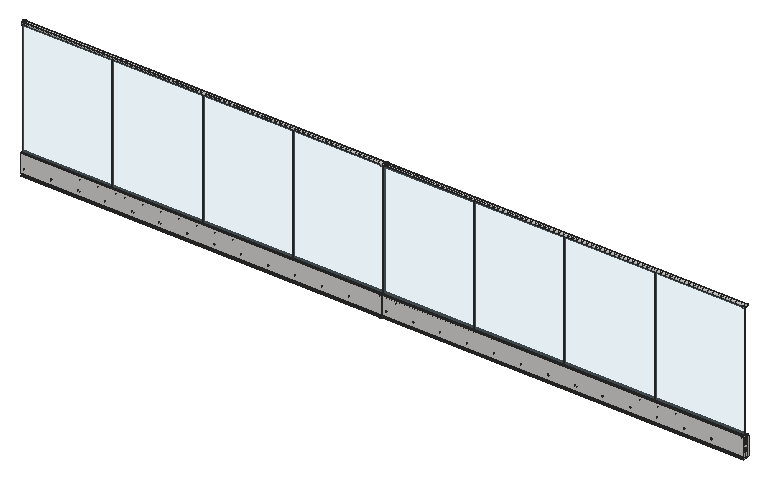
Revit family "34_LB_UNIQ_SB-A1", category Generic Models, Revit 2016
Family settings
  Part Type = Normal
  Can host rebar = No
  Round Connector Dimension = Use Diameter
  Work Plane-Based = No
  Cut with Voids When Loaded = No
  Shared = No
  Room Calculation Point = No
Parameters (values of type "UNIQ_SB-A1")
  verplatsing_passtuk [instance] = if(Passtuk_zichtbaar_omgekeerd, 0 mm, 100 mm)  # 100 mm
  Verstelbaar profiel = "Ja"
  Uitvoering = "RVS look (standaard) materiaal is geanodiseerd en geschik voor binnen en buitengebruik."
  URL = "http://www.uniq-balustrades.com/profielen/side-mounted-a/uniq-sb-a-1/"
  Profiel_zichtbaar_2 [instance] = [built-in parameter 1001306] > 7999 mm  # yes
  Profiel_zichtbaar_1 [instance] = and([built-in parameter 1001306] > 3999 mm, [built-in parameter 1001306] < 8001 mm)  # yes
  Profiel_breedte_vast [instance] = 4000 mm  # constant formula
  Passtuk_zichtbaar_omgekeerd [instance] = not(Passtuk_zichtbaar)  # no
  Passtuk_zichtbaar [instance] = or([built-in parameter 1001306] = 4000 mm, [built-in parameter 1001306] = 8000 mm, [built-in parameter 1001306] = 12000 mm, [built-in parameter 1001306] = 16000 mm, [built-in parameter 1001306] = 20000 mm, [built-in parameter 1001306] = 24000 mm, [built-in parameter 1001306] = 28000 mm, [built-in parameter 1001306] = 32000 mm, [built-in parameter 1001306] = 40000 mm)  # yes
  Model = "UNIQ_SB-A1"
  Materiaal_ribber = Rubber
  Materiaal_profiel = Aluminium
  Materiaal_pakking = Pakking
  Materiaal_glas = Glass
  Materiaal_afdekker = Aluminium
  Manufacturer = "SB Railing"
  built-in parameter 1001306 [instance] = 8000 mm
  Krachten = "Geschikt voor maximaal 1 KN"
  IsExternal [instance] = no
  IfcExportAs = "IfcRailing"
  Hoogte_railing [instance] = 1500 mm
  Hoogte_glas [instance] = Hoogte_railing - 109 mm - 15.6 mm  # 1375.4 mm
  Glas_dikte = 16.8 mm
  Gasdiktes = "Geschikt voor 8/8 pvb, 10/10 pvb en 15."
  FireRating [instance] = "0"
  Dikte_glas = 16.8 mm
  Description = "UNIQ SB-A1 | ZIJ MONTAGE"
  Cover_front_CF-120 = no
  Cover_front_CF-112 = no
  Cover_front_CF-103 = no
  Cover_front_CF-100 = no
  Cover_front_CC-225 = yes
  Breedte_passtuk [instance] = if([built-in parameter 1001306] > 8000 mm, [built-in parameter 1001306] - (Aantal_profielen * Profiel_breedte_vast), [built-in parameter 1001306] - 4000 mm)  # 4000 mm
  Breedte_glasplaten [instance] = ([built-in parameter 1001306] - ((Aantal_glasplaten - 1) * 10 mm)) / Aantal_glasplaten  # 991.25 mm
  Bovenrailing = yes
  Ber_breedte_passtuk_4 [instance] = if([built-in parameter 1001306] > 4000 mm, Ber_breedte_passtuk_3 - 4 mm, Ber_breedte_passtuk_3)  # 96 mm
  Ber_breedte_passtuk_3 [instance] = if(Passtuk_zichtbaar_omgekeerd, Ber_breedte_passtuk_2, 100 mm)  # 100 mm
  Ber_breedte_passtuk_2 [instance] = if([built-in parameter 1001306] > 4000 mm, Breedte_passtuk, [built-in parameter 1001306])  # 4000 mm
  Ber_breedte_passtuk_5 [instance] = if([built-in parameter 1001306] > 8000 mm, Ber_breedte_passtuk_3 - (Aantal_profielen * 4 mm), Ber_breedte_passtuk_4)  # 96 mm
  Assembly Code = "34.11"
  Aantal_profielen [instance] = if([built-in parameter 1001306] < 8000 mm, 2, ([built-in parameter 1001306] / 4000 mm) - 0.5)  # 2
  Aantal_glasplaten [instance] = 8
Reference planes
  plane 1 "Center (Front/Back)": y = 0
  plane 2: z = 0
  plane 3 "Left": x = 0
  plane 4 "Right": x = 8000
  plane 5: through (0, 2, 1219.2) normal (-0.7071, 0.7071, 0)
  plane 6: x = -4
  plane 7: x = -100
  plane 8: x = 4000
  plane 9: x = 0
  plane 10: x = 4004
  plane 11: z = 1500
  plane 12: z = 109
Lines and regions (mm)
  reference lines
    curve 1: line (0, 0, 0) -> (8000, 0, 0)
Dimensions and locks
  "built-in parameter 1001306": plane 3 "Left" to plane 4 "Right"
  plane 3 "Left" to plane 4 "Right" = 8000 mm
  "verplatsing_passtuk": plane 7 to plane 3 "Left"
  group 1 to group 2 = 4004 mm
  group 1 to group 2 = 0 mm  (x2)
  plane 6 to plane 8 = 4004 mm
  locked: plane 6 to plane 9 at 4
  locked: plane 8 to plane 10 at 4
  "Ber_breedte_passtuk_5": plane 7 to plane 6
  nested 6 to nested 6 = 10 mm
  "Hoogte_railing": plane 11 to level
  plane 12 to level = 109 mm
  aligned and locked: plane 4 "Right" to curve 1
  aligned and locked: plane 1 "Center (Front/Back)" to curve 1
  aligned and locked: plane 3 "Left" to curve 1
  aligned and locked: level to plane 2
  aligned and locked: nested 1 to level
  aligned and locked: nested 2 to level
  aligned and locked: nested 3 to level
  aligned and locked: plane 7 to nested 2  (x2)
  aligned and locked: plane 1 "Center (Front/Back)" to nested 2
  aligned and locked: plane 1 "Center (Front/Back)" to nested 1
  aligned and locked: plane 1 "Center (Front/Back)" to nested 3
  aligned and locked: nested 4 to level
  aligned and locked: plane 9 to nested 3
  aligned and locked: plane 9 to nested 1
  aligned and locked: plane 10 to nested 4
  aligned and locked: plane 3 "Left" to nested 5
Nested families
  nested 1: "UNIQ_SB-A1_8.8.2" at (0, 0, 0), Lengte <- "built-in parameter 1001306", Ber_Lengte <- "Profiel_breedte_vast", visible <- "Profiel_zichtbaar_1", Hoogte <- "Hoogte_railing", Bovenrailing <- "Bovenrailing", Cover_front_CC-225 <- "Cover_front_CC-225", Cover_front_CF-100 <- "Cover_front_CF-100", Cover_front_CF-103 <- "Cover_front_CF-103", Cover_front_CF-112 <- "Cover_front_CF-112", Cover_front_CF-120 <- "Cover_front_CF-120", type "UNIQ_SB-A1_8.8.2"
    with Rubber Rubber, Pakking Rubber, Materiaal_profiel Aluminium, Materiaal_afdekker Aluminium, Lengte_schroef 3950 mm, Lengte 8000 mm, Hoogte 1500 mm, HOH_schroef 100 mm, HOH_boorgat_onder 600 mm, HOH_boorgat 300 mm, Cover_front_CF-120 no, Cover_front_CF-112 no, Cover_front_CF-103 no, Cover_front_CF-100 no, Cover_front_CC-225 yes, Bovenrailing yes, Ber_Lengte 4000 mm, Aantal_boorgat_onder 7, Aantal_boorgat 13, Aantal 40
  nested 2: "UNIQ_SB-A1_8.8.2" at (-100, 0, 0), Lengte <- "built-in parameter 1001306", Ber_Lengte <- "Ber_breedte_passtuk_5", visible <- "Passtuk_zichtbaar_omgekeerd", Hoogte <- "Hoogte_railing", Bovenrailing <- "Bovenrailing", Cover_front_CC-225 <- "Cover_front_CC-225", Cover_front_CF-100 <- "Cover_front_CF-100", Cover_front_CF-103 <- "Cover_front_CF-103", Cover_front_CF-112 <- "Cover_front_CF-112", Cover_front_CF-120 <- "Cover_front_CF-120", type "UNIQ_SB-A1_8.8.2"
    with Rubber Rubber, Pakking Rubber, Materiaal_profiel Aluminium, Materiaal_afdekker Aluminium, Lengte_schroef 46 mm, Lengte 8000 mm, Hoogte 1500 mm, HOH_schroef 20 mm, HOH_boorgat_onder 600 mm, HOH_boorgat 300 mm, Cover_front_CF-120 no, Cover_front_CF-112 no, Cover_front_CF-103 no, Cover_front_CF-100 no, Cover_front_CC-225 yes, Bovenrailing yes, Ber_Lengte 96 mm, Aantal_boorgat_onder 2, Aantal_boorgat 2, Aantal 2
  nested 3: "UNIQ_SB-A1_8.8.2" at (0, 0, 0), Lengte <- "built-in parameter 1001306", Ber_Lengte <- "Profiel_breedte_vast", visible <- "Profiel_zichtbaar_2", Hoogte <- "Hoogte_railing", Bovenrailing <- "Bovenrailing", Materiaal_afdekker <- "Materiaal_afdekker", Materiaal_profiel <- "Materiaal_profiel", Pakking <- "Materiaal_pakking", Rubber <- "Materiaal_ribber", Cover_front_CC-225 <- "Cover_front_CC-225", Cover_front_CF-100 <- "Cover_front_CF-100", Cover_front_CF-103 <- "Cover_front_CF-103", Cover_front_CF-112 <- "Cover_front_CF-112", Cover_front_CF-120 <- "Cover_front_CF-120", type "UNIQ_SB-A1_8.8.2"
    with Rubber Rubber, Pakking Pakking, Materiaal_profiel Aluminium, Materiaal_afdekker Aluminium, Lengte_schroef 3950 mm, Lengte 8000 mm, Hoogte 1500 mm, HOH_schroef 100 mm, HOH_boorgat_onder 600 mm, HOH_boorgat 300 mm, Cover_front_CF-120 no, Cover_front_CF-112 no, Cover_front_CF-103 no, Cover_front_CF-100 no, Cover_front_CC-225 yes, Bovenrailing yes, Ber_Lengte 4000 mm, Aantal_boorgat_onder 7, Aantal_boorgat 13, Aantal 40
  nested 4: "UNIQ_SB-A1_8.8.2" at (4004, 0, 0), Lengte <- "built-in parameter 1001306", Ber_Lengte <- "Profiel_breedte_vast", visible <- "Profiel_zichtbaar_2", Hoogte <- "Hoogte_railing", Bovenrailing <- "Bovenrailing", Materiaal_afdekker <- "Materiaal_afdekker", Materiaal_profiel <- "Materiaal_profiel", Pakking <- "Materiaal_pakking", Rubber <- "Materiaal_ribber", Cover_front_CC-225 <- "Cover_front_CC-225", Cover_front_CF-100 <- "Cover_front_CF-100", Cover_front_CF-103 <- "Cover_front_CF-103", Cover_front_CF-112 <- "Cover_front_CF-112", Cover_front_CF-120 <- "Cover_front_CF-120", type "UNIQ_SB-A1_8.8.2"
    with Rubber Rubber, Pakking Pakking, Materiaal_profiel Aluminium, Materiaal_afdekker Aluminium, Lengte_schroef 3950 mm, Lengte 8000 mm, Hoogte 1500 mm, HOH_schroef 100 mm, HOH_boorgat_onder 600 mm, HOH_boorgat 300 mm, Cover_front_CF-120 no, Cover_front_CF-112 no, Cover_front_CF-103 no, Cover_front_CF-100 no, Cover_front_CC-225 yes, Bovenrailing yes, Ber_Lengte 4000 mm, Aantal_boorgat_onder 7, Aantal_boorgat 13, Aantal 40
  nested 5: "34_glasplaat_tbv_railing_V2" at (0, 18.64, 109), Dikte_glas <- "Dikte_glas", Hoogte_glas <- "Hoogte_glas", Aantal_glasplaten <- "Aantal_glasplaten", Ber_lengte <- "built-in parameter 1001306", type "34_glasplaat_tbv_railing_V2"
    with Lengte 8010 mm, Hoogte_glas 1375.4 mm, Dikte_glas 16.8 mm, Breedte_glasplaat 1001.25 mm, Ber_lengte 8000 mm, Aantal_glasplaten 8
  nested 6: "34_glasplaat" at (6998.75, 18.64, 109), type "34_glasplaat"
    with Lengte 1001.25 mm, Hoogte 1375.4 mm, Glas_dikte 16.8 mm, Glas_breedte 991.25 mm, Glas Glass
  nested 7: "34_glasplaat" at (-10, 18.64, 109), type "34_glasplaat"
    with Lengte 1001.25 mm, Hoogte 1375.4 mm, Glas_dikte 16.8 mm, Glas_breedte 991.25 mm, Glas Glass
  nested 8: "34_glasplaat" at (5997.5, 18.64, 109), type "34_glasplaat"
    with Lengte 1001.25 mm, Hoogte 1375.4 mm, Glas_dikte 16.8 mm, Glas_breedte 991.25 mm, Glas Glass
  nested 9: "34_glasplaat" at (4996.25, 18.64, 109), type "34_glasplaat"
    with Lengte 1001.25 mm, Hoogte 1375.4 mm, Glas_dikte 16.8 mm, Glas_breedte 991.25 mm, Glas Glass
  nested 10: "34_glasplaat" at (3995, 18.64, 109), type "34_glasplaat"
    with Lengte 1001.25 mm, Hoogte 1375.4 mm, Glas_dikte 16.8 mm, Glas_breedte 991.25 mm, Glas Glass
  nested 11: "34_glasplaat" at (2993.75, 18.64, 109), type "34_glasplaat"
    with Lengte 1001.25 mm, Hoogte 1375.4 mm, Glas_dikte 16.8 mm, Glas_breedte 991.25 mm, Glas Glass
  nested 12: "34_glasplaat" at (1992.5, 18.64, 109), type "34_glasplaat"
    with Lengte 1001.25 mm, Hoogte 1375.4 mm, Glas_dikte 16.8 mm, Glas_breedte 991.25 mm, Glas Glass
  nested 13: "34_glasplaat" at (991.25, 18.64, 109), type "34_glasplaat"
    with Lengte 1001.25 mm, Hoogte 1375.4 mm, Glas_dikte 16.8 mm, Glas_breedte 991.25 mm, Glas Glass
Definition of nested family "UNIQ_SB-A1_8.8.2"
  Parameters (values of type "UNIQ_SB-A1_8.8.2")
    Rubber [instance] = none
    Pakking [instance] = none
    Materiaal_profiel [instance] = none
    Materiaal_afdekker [instance] = none
    Lengte_schroef [instance] = Ber_Lengte - 50 mm  # 1200 mm
    Lengte [instance] = 1250 mm
    Hoogte [instance] = 1200 mm
    HOH_schroef [instance] = if(Ber_Lengte > 200 mm, 100 mm, 20 mm)  # 100 mm
    HOH_boorgat_onder [instance] = 600 mm
    HOH_boorgat [instance] = 300 mm
    Cover_front_CF-120 [instance] = no
    Cover_front_CF-112 [instance] = no
    Cover_front_CF-103 [instance] = no
    Cover_front_CF-100 [instance] = yes
    Cover_front_CC-225 [instance] = no
    Bovenrailing [instance] = yes
    Ber_Lengte [instance] = 1250 mm
    Aantal_boorgat_onder [instance] = if(Ber_Lengte > 900 mm, Ber_Lengte / HOH_boorgat_onder, 2)  # 2
    Aantal_boorgat [instance] = if(Ber_Lengte > 450 mm, Ber_Lengte / HOH_boorgat, 2)  # 4
    Aantal [instance] = Lengte_schroef / HOH_schroef  # 12
  Reference planes
    plane 1 "Center (Front/Back)": y = 0
    plane 2: z = 0
    plane 3 "Center (Left/Right)": x = 0
    plane 4: x = 1250
    plane 5: x = 50
    plane 6: y = 15.517
    plane 7: x = 200
    plane 8: x = 1254
    plane 9: z = 1200
    plane 10: z = 1187.388
  Forms (mm)
    Sweep 1, solid, material <- "Materiaal_profiel"
      path origin (0, -19, 0) x (1, 0, 0) y (0, 1, 0)
        loop
          line (0, 0) -> (1250, 0)
      profile "Profiel : Profiel" origin (625, -19, 0) x (0, 1, 0) y (0, 0, 1)
        loop
          line (55.199, 86) -> (5, 86) -> (5, 36) -> (34.526, 36) -> (55.199, 86)
        loop
          line (47, 108) -> (17.916, 108) -> (6, 153.005) -> (6, 187) -> (4.4, 187) -> (4.4, 198) -> (2.9, 198) -> (2.9, 195) -> (1.5, 195) -> (1.5, 198) -> (0, 198) -> (0, 0) -> (19, 0) -> (19, -26.289) -> (20, -26.289) -> (22.232, -25) -> (24, -25) -> (24, 4) -> (67, 108) -> (67, 171.624) -> (57.4, 198) -> (54.5, 198) -> (54.5, 195) -> (53.1, 195) -> (53.1, 198) -> (49.6, 198) -> (49.6, 187) -> (47, 187) -> (47, 108)
    Sweep 2, solid, material <- "Pakking"
      path origin (0, -639, 0) x (1, 0, 0) y (0, 1, 0)
        loop
          line (0, 620) -> (1250, 620)
      profile "Rubber_onder : Rubber_onder" origin (625, -19, 0) x (0, 1, 0) y (0, 0, 1)
        loop
          line (47, 109) -> (27.24, 109) -> (27.24, 108) -> (47, 108) -> (47, 109)
    Sweep 3, solid, material <- "Pakking"
      path origin (0, -899, 0) x (1, 0, 0) y (0, 1, 0)
        loop
          line (0, 880) -> (1250, 880)
      profile "Rubber_voor : Rubber_voor" origin (625, -19, 0) x (0, 1, 0) y (0, 0, 1)
        loop
          line (47, 198) -> (46, 198) -> (46, 109) -> (47, 109) -> (47, 198)
    Sweep 4, solid
      path origin (0, -1119, 0) x (1, 0, 0) y (0, 1, 0)
        loop
          line (0, 1100) -> (1250, 1100)
      profile "Stelprofiel_01 : Stelprofiel_01" origin (625, -19, 0) x (0, 1, 0) y (0, 0, 1)
        loop
          line (13.74, 162.532) -> (20.137, 162.532) -> (22.368, 119.032) -> (14.995, 119.032) -> (16.981, 111.532) -> (27.24, 111.532) -> (27.24, 181.532) -> (20.24, 181.532) -> (20.24, 178.532) -> (13.74, 178.532) -> (13.74, 162.532)
    Sweep 5, solid, material <- "Materiaal_afdekker"
      path origin (0, -2079, 0) x (1, 0, 0) y (0, 1, 0)
        loop
          line (0, 2060) -> (1250, 2060)
      profile "Afdekker_achter_01 : Afdekker_achter_01" origin (625, -19, 0) x (0, 1, 0) y (0, 0, 1)
        loop
          line (0, 199.3) -> (0, 198) -> (1.5, 198) -> (1.5, 195) -> (2.9, 195) -> (2.9, 198) -> (4.4, 198) -> (4.4, 187) -> (6, 187) -> (6, 198.2) -> (15.9, 198.2) -> (15.9, 191.1) -> (25, 191.1) -> (25, 192.2) -> (17, 192.2) -> (17, 198.2) -> (25, 198.2) -> (25, 199.3) -> (0, 199.3)
    Sweep 6, solid, material <- "Rubber"
      path origin (0, -1359, 0) x (1, 0, 0) y (0, 1, 0)
        loop
          line (0, 1340) -> (1250, 1340)
      profile "Afdekker_achter_02 : Afdekker_achter_02" origin (625, -19, 0) x (0, 1, 0) y (0, 0, 1)
        loop
          line (29.24, 202.73) -> (28.24, 202.73) -> (26.343, 198.2) -> (18.91, 198.2) -> (17, 196.966) -> (17, 193.434) -> (18.91, 192.2) -> (26.311, 192.2) -> (26.316, 194.748) -> (29.24, 201.73) -> (29.24, 202.73)
    Sweep 7, solid, not visible
      path origin (-1900, -1400, 0) x (1, 0, 0) y (0, 1, 0)
        loop
          line (621, 1400) -> (629, 1400)
      profile "Stelprofiel_02 : Stelprofiel_02" origin (-1275, 0, 0) x (0, 1, 0) y (0, 0, 1)
        loop
          line (9, 166.532) -> (13.74, 166.532) -> (13.74, 174.532) -> (9, 174.532) -> (9, 166.532)
    Sweep 8, solid, not visible
      path origin (-1900, -1680, 0) x (1, 0, 0) y (0, 1, 0)
        loop
          line (617.493, 1680) -> (632.507, 1680)
      profile "Stelprofiel_03 : Stelprofiel_03" origin (-1275, 0, 0) x (0, 1, 0) y (0, 0, 1)
        loop
          line (9, 163.024) -> (9, 178.039) -> (6.758, 178.039) -> (6, 176.096) -> (6, 164.966) -> (6.757, 163.024) -> (9, 163.024)
    Extrusion 9, void, not visible
      sketch origin (-1279, 13.74, 174.532) x (-1, 0, 0) y (0, 0, -1)
        loop
          line (-9, 9) -> (-9, -1) -> (1, -1) -> (1, 9) -> (-9, 9)
        loop
          circle (-4, 4) r 4
      from -7.62 to 4.74
    Extrusion 10, void, not visible
      sketch origin (-1279, 13.74, 174.532) x (-1, 0, 0) y (0, 0, -1)
        loop
          line (-12.507, -4.507) -> (4.507, -4.507) -> (4.507, 12.507) -> (-12.507, 12.507) -> (-12.507, -4.507)
        loop
          line (-6.507, 11.507) -> (-11.507, 6.507) -> (-11.507, 1.493) -> (-6.507, -3.507) -> (-1.493, -3.507) -> (3.507, 1.493) -> (3.507, 6.507) -> (-1.493, 11.507) -> (-6.507, 11.507)
      from 4.74 to 9.74
    Sweep 11, solid, not visible
      path origin (-1900, -1400, 0) x (1, 0, 0) y (0, 1, 0)
        loop
          line (621, 1400) -> (629, 1400)
      profile "Stelprofiel_02 : Stelprofiel_02" origin (-1275, 0, 0) x (0, 1, 0) y (0, 0, 1)
        loop
          line (9, 166.532) -> (13.74, 166.532) -> (13.74, 174.532) -> (9, 174.532) -> (9, 166.532)
    Sweep 12, solid, not visible
      path origin (-1900, -1680, 0) x (1, 0, 0) y (0, 1, 0)
        loop
          line (617.493, 1680) -> (632.507, 1680)
      profile "Stelprofiel_03 : Stelprofiel_03" origin (-1275, 0, 0) x (0, 1, 0) y (0, 0, 1)
        loop
          line (9, 163.024) -> (9, 178.039) -> (6.758, 178.039) -> (6, 176.096) -> (6, 164.966) -> (6.757, 163.024) -> (9, 163.024)
    Extrusion 13, void, not visible
      sketch origin (-1279, 13.74, 174.532) x (-1, 0, 0) y (0, 0, -1)
        loop
          line (-9, 9) -> (-9, -1) -> (1, -1) -> (1, 9) -> (-9, 9)
        loop
          circle (-4, 4) r 4
      from -7.62 to 4.74
    Extrusion 14, void, not visible
      sketch origin (-1279, 13.74, 174.532) x (-1, 0, 0) y (0, 0, -1)
        loop
          line (-12.507, -4.507) -> (4.507, -4.507) -> (4.507, 12.507) -> (-12.507, 12.507) -> (-12.507, -4.507)
        loop
          line (-6.507, 11.507) -> (-11.507, 6.507) -> (-11.507, 1.493) -> (-6.507, -3.507) -> (-1.493, -3.507) -> (3.507, 1.493) -> (3.507, 6.507) -> (-1.493, 11.507) -> (-6.507, 11.507)
      from 4.74 to 9.74
    Extrusion 15, void
      sketch origin (162.168, -19, 0) x (-1, 0, 0) y (0, 0, 1)
        loop
          circle (112.168, 56) r 22.5
      from 34.517 to 67
    Extrusion 16, void
      sketch origin (162.168, -19, 0) x (1, 0, 0) y (0, 0, 1)
        loop
          arc (-118.168, 62) -> (-122.411, 60.243) -> (-124.168, 56) r 6
          arc (-124.168, 56) -> (-122.411, 51.757) -> (-118.168, 50) r 6
          line (-118.168, 50) -> (-106.168, 50)
          arc (-106.168, 50) -> (-101.925, 51.757) -> (-100.168, 56) r 6
          arc (-100.168, 56) -> (-101.925, 60.243) -> (-106.168, 62) r 6
          line (-106.168, 62) -> (-118.168, 62)
      from -6 to 0
    Extrusion 17, void, not visible
      sketch origin (210, 0, 0) x (-1, 0, 0) y (0, 0, 1)
        loop
          circle (112.168, 56) r 22.5
      from 34.517 to 67
    Extrusion 18, void, not visible
      sketch origin (210, 0, 0) x (1, 0, 0) y (0, 0, 1)
        loop
          arc (-118.168, 62) -> (-122.411, 60.243) -> (-124.168, 56) r 6
          arc (-124.168, 56) -> (-122.411, 51.757) -> (-118.168, 50) r 6
          line (-118.168, 50) -> (-106.168, 50)
          arc (-106.168, 50) -> (-101.925, 51.757) -> (-100.168, 56) r 6
          arc (-100.168, 56) -> (-101.925, 60.243) -> (-106.168, 62) r 6
          line (-106.168, 62) -> (-118.168, 62)
      from -6 to 0
    Extrusion 19, void
      sketch origin (462.168, -19, 0) x (-1, 0, 0) y (0, 0, 1)
        loop
          circle (112.168, 56) r 22.5
      from 34.517 to 67
    Extrusion 20, void
      sketch origin (462.168, -19, 0) x (1, 0, 0) y (0, 0, 1)
        loop
          arc (-118.168, 62) -> (-122.411, 60.243) -> (-124.168, 56) r 6
          arc (-124.168, 56) -> (-122.411, 51.757) -> (-118.168, 50) r 6
          line (-118.168, 50) -> (-106.168, 50)
          arc (-106.168, 50) -> (-101.925, 51.757) -> (-100.168, 56) r 6
          arc (-100.168, 56) -> (-101.925, 60.243) -> (-106.168, 62) r 6
          line (-106.168, 62) -> (-118.168, 62)
      from -6 to 0
    Extrusion 21, void
      sketch origin (274.606, -19, 3.257) x (1, 0, 0) y (0, 0, 1)
        loop
          arc (-80.606, -9.257) -> (-84.848, -11.014) -> (-86.606, -15.257) r 6
          arc (-86.606, -15.257) -> (-84.848, -19.499) -> (-80.606, -21.257) r 6
          line (-80.606, -21.257) -> (-68.606, -21.257)
          arc (-68.606, -21.257) -> (-64.363, -19.499) -> (-62.606, -15.257) r 6
          arc (-62.606, -15.257) -> (-64.363, -11.014) -> (-68.606, -9.257) r 6
          line (-68.606, -9.257) -> (-80.606, -9.257)
      from -24 to -19
    Extrusion 22, void, not visible
      sketch origin (274.606, 0, 3.257) x (1, 0, 0) y (0, 0, 1)
        loop
          arc (-80.606, -9.257) -> (-84.848, -11.014) -> (-86.606, -15.257) r 6
          arc (-86.606, -15.257) -> (-84.848, -19.499) -> (-80.606, -21.257) r 6
          line (-80.606, -21.257) -> (-68.606, -21.257)
          arc (-68.606, -21.257) -> (-64.363, -19.499) -> (-62.606, -15.257) r 6
          arc (-62.606, -15.257) -> (-64.363, -11.014) -> (-68.606, -9.257) r 6
          line (-68.606, -9.257) -> (-80.606, -9.257)
      from -24 to -19
    Extrusion 23, void
      sketch origin (874.606, -19, 3.257) x (1, 0, 0) y (0, 0, 1)
        loop
          arc (-80.606, -9.257) -> (-84.848, -11.014) -> (-86.606, -15.257) r 6
          arc (-86.606, -15.257) -> (-84.848, -19.499) -> (-80.606, -21.257) r 6
          line (-80.606, -21.257) -> (-68.606, -21.257)
          arc (-68.606, -21.257) -> (-64.363, -19.499) -> (-62.606, -15.257) r 6
          arc (-62.606, -15.257) -> (-64.363, -11.014) -> (-68.606, -9.257) r 6
          line (-68.606, -9.257) -> (-80.606, -9.257)
      from -24 to -19
    Extrusion 24, void
      sketch origin (762.168, -19, 0) x (-1, 0, 0) y (0, 0, 1)
        loop
          circle (112.168, 56) r 22.5
      from 34.517 to 67
    Extrusion 25, void
      sketch origin (762.168, -19, 0) x (1, 0, 0) y (0, 0, 1)
        loop
          arc (-118.168, 62) -> (-122.411, 60.243) -> (-124.168, 56) r 6
          arc (-124.168, 56) -> (-122.411, 51.757) -> (-118.168, 50) r 6
          line (-118.168, 50) -> (-106.168, 50)
          arc (-106.168, 50) -> (-101.925, 51.757) -> (-100.168, 56) r 6
          arc (-100.168, 56) -> (-101.925, 60.243) -> (-106.168, 62) r 6
          line (-106.168, 62) -> (-118.168, 62)
      from -6 to 0
    Extrusion 26, void
      sketch origin (1062.168, -19, 0) x (-1, 0, 0) y (0, 0, 1)
        loop
          circle (112.168, 56) r 22.5
      from 34.517 to 67
    Extrusion 27, void
      sketch origin (1062.168, -19, 0) x (1, 0, 0) y (0, 0, 1)
        loop
          arc (-118.168, 62) -> (-122.411, 60.243) -> (-124.168, 56) r 6
          arc (-124.168, 56) -> (-122.411, 51.757) -> (-118.168, 50) r 6
          line (-118.168, 50) -> (-106.168, 50)
          arc (-106.168, 50) -> (-101.925, 51.757) -> (-100.168, 56) r 6
          arc (-100.168, 56) -> (-101.925, 60.243) -> (-106.168, 62) r 6
          line (-106.168, 62) -> (-118.168, 62)
      from -6 to 0
    Extrusion 28, solid, material <- "Materiaal_afdekker", visible <- "Bovenrailing"
      sketch origin (0, 0, 0) x (0, 1, 0) y (0, 0, 1)
        loop
          arc (5.1, 1166.63) -> (18.6, 1199) -> (32.1, 1166.63) r 19
          line (32.1, 1166.63) -> (32.1, 1188.388) -> (5.1, 1188.388) -> (5.1, 1166.63)
        loop
          arc (32.811, 1165.927) -> (31.72, 1165.705) -> (31.1, 1166.63) r 1
          line (31.1, 1166.63) -> (31.1, 1187.388) -> (6.1, 1187.388) -> (6.1, 1166.63)
          arc (6.1, 1166.63) -> (5.48, 1165.705) -> (4.389, 1165.927) r 1
          arc (4.389, 1165.927) -> (18.6, 1200) -> (32.811, 1165.927) r 20
      from 0 to 1250
    Extrusion 29, solid, material <- "Rubber", visible <- "Bovenrailing"
      sketch origin (0, 0, -4.375) x (0, 1, 0) y (0, 0, 1)
        loop
          line (10.22, 1188.763) -> (26.98, 1188.763) -> (26.98, 1166.335) -> (31.1, 1170.455) -> (31.1, 1190.263)
          arc (31.1, 1190.263) -> (30.661, 1191.323) -> (29.6, 1191.763) r 1.5
          line (29.6, 1191.763) -> (26.1, 1191.763) -> (25.039, 1190.702) -> (12.161, 1190.702) -> (11.1, 1191.763) -> (7.6, 1191.763)
          arc (7.6, 1191.763) -> (6.539, 1191.323) -> (6.1, 1190.263) r 1.5
          line (6.1, 1190.263) -> (6.1, 1170.455) -> (10.22, 1166.335) -> (10.22, 1188.763)
        loop
          line (11.752, 1189.904) -> (10.393, 1191.263) -> (8.84, 1191.263)
          arc (8.84, 1191.263) -> (8.016, 1190.829) -> (7.907, 1189.904) r 1
          line (7.907, 1189.904) -> (11.752, 1189.904)
        loop
          arc (29.293, 1189.904) -> (29.184, 1190.829) -> (28.36, 1191.263) r 1
          line (28.36, 1191.263) -> (26.807, 1191.263) -> (25.448, 1189.904) -> (29.293, 1189.904)
      from 0 to 1250
  Cuts and joins
    Extrusion 15, Extrusion 16, Extrusion 19, Extrusion 20, Extrusion 21, Extrusion 23, Extrusion 24, Extrusion 25, Extrusion 26, Extrusion 27 cuts Sweep 1
  Lines and regions (mm)
    model lines, not visible
      curve 1: circle (-1275, 13.74, 170.532) r 4 normal (0, 1, 0)
      curve 2: circle (-1275, 13.74, 170.532) r 4 normal (0, 1, 0)
      curve 3: line (-1275, 9, 0) -> (-1275, 13.74, 0)
      curve 5: line (97.832, 0, 50) -> (97.832, 0, 62)
      curve 8: line (200, 0, -18) -> (200, 0, -6)
    model lines
      curve 4: line (50, -19, 50) -> (50, -19, 62)
      curve 6: line (350, -19, 50) -> (350, -19, 62)
      curve 7: line (200, -19, -18) -> (200, -19, -6)
      curve 9: line (800, -19, -18) -> (800, -19, -6)
      curve 10: line (50.004, -19, 174.531) -> (50.004, -19, 166.538)
      curve 11: line (150.004, -19, 174.531) -> (150.004, -19, 166.538)
      curve 12: line (250.004, -19, 174.531) -> (250.004, -19, 166.538)
      curve 13: line (350.004, -19, 174.531) -> (350.004, -19, 166.538)
      curve 14: line (450.004, -19, 174.531) -> (450.004, -19, 166.538)
      curve 15: line (650, -19, 50) -> (650, -19, 62)
      curve 16: line (950, -19, 50) -> (950, -19, 62)
      curve 17: line (550.004, -19, 174.531) -> (550.004, -19, 166.538)
      curve 18: line (650.004, -19, 174.531) -> (650.004, -19, 166.538)
      curve 19: line (750.004, -19, 174.531) -> (750.004, -19, 166.538)
      curve 20: line (850.004, -19, 174.531) -> (850.004, -19, 166.538)
      curve 21: line (950.004, -19, 174.531) -> (950.004, -19, 166.538)
      curve 22: line (1050.004, -19, 174.531) -> (1050.004, -19, 166.538)
      curve 23: line (1150.004, -19, 174.531) -> (1150.004, -19, 166.538)
  Dimensions and locks
    "Ber_Lengte": plane 3 "Center (Left/Right)" to plane 4
    "Lengte_schroef": plane 5 to plane 4
    equal spacing: group 3, group 5, group 14, group 15  (x3)
    group 6 to group 8 = 600 mm
    group 6 to group 8 = 0 mm  (x2)
    plane 7 to plane 3 "Center (Left/Right)" = 200 mm  (x2)
    plane 5 to plane 3 "Center (Left/Right)" = 50 mm  (x2)
    equal spacing: group 9, group 10, group 11, group 12, group 13, group 16, group 17, group 18, group 19, group 20, group 21, group 22  (x3)
    "HOH_schroef": curve 11 to curve 10
    plane 3 "Center (Left/Right)" to plane 4 = 1250 mm
    locked: plane 4 to plane 8 at 4
    "Hoogte": plane 9 to level
    locked: plane 9 to plane 10 at 12.612
    aligned and locked: level to plane 2
    aligned and locked: plane 4 to Sweep 1 sketch curve
    aligned and locked: plane 3 "Center (Left/Right)" to Sweep 1 sketch curve
    aligned and locked: plane 4 to Sweep 2 sketch curve
    aligned and locked: plane 3 "Center (Left/Right)" to Sweep 2 sketch curve
    aligned and locked: plane 3 "Center (Left/Right)" to Sweep 3 sketch curve
    aligned and locked: plane 4 to Sweep 3 sketch curve
    aligned and locked: plane 3 "Center (Left/Right)" to Sweep 4 sketch curve
    aligned and locked: plane 4 to Sweep 4 sketch curve
    aligned and locked: plane 3 "Center (Left/Right)" to Sweep 5 sketch curve
    aligned and locked: plane 4 to Sweep 5 sketch curve
    aligned and locked: plane 3 "Center (Left/Right)" to Sweep 6 sketch curve
    aligned and locked: plane 4 to Sweep 6 sketch curve
    aligned and locked: curve 4 to plane 5
    aligned and locked: curve 7 to plane 7
    aligned and locked: plane 5 to nested 1
    aligned and locked: plane 4 to Extrusion 28
    aligned and locked: plane 4 to Extrusion 29
    aligned and locked: Extrusion 28 to plane 3 "Center (Left/Right)"
    aligned and locked: plane 3 "Center (Left/Right)" to Extrusion 28
    aligned and locked: Extrusion 28 to plane 10
    aligned and locked: plane 3 "Center (Left/Right)" to nested 13
    aligned and locked: plane 1 "Center (Front/Back)" to nested 13
    aligned and locked: plane 3 "Center (Left/Right)" to nested 14
    aligned and locked: plane 1 "Center (Front/Back)" to nested 14
    aligned and locked: plane 3 "Center (Left/Right)" to nested 15
    aligned and locked: plane 1 "Center (Front/Back)" to nested 15
    aligned and locked: plane 3 "Center (Left/Right)" to nested 16
    aligned and locked: plane 1 "Center (Front/Back)" to nested 16
    aligned and locked: plane 3 "Center (Left/Right)" to nested 17
    aligned and locked: plane 1 "Center (Front/Back)" to nested 17
  Automatic sketch dimensions
    Sweep 8 sketch curve to Sweep 8 sketch curve = 15.015 mm
    Sweep 7 to Extrusion 9 sketch curve = 1 mm  (x2)
    Extrusion 9 sketch curve to Sweep 7 = 4 mm
    Extrusion 9 sketch curve to Sweep 7 = 1 mm  (x2)
    Sweep 7 to Extrusion 9 sketch curve = 4 mm
    Sweep 7 to Extrusion 10 sketch curve = 4.507 mm  (x2)
    Sweep 7 to Extrusion 10 sketch curve = 1.493 mm  (x4)
    Sweep 7 to Extrusion 10 sketch curve = 3.507 mm  (x2)
    Extrusion 10 sketch curve to Sweep 7 = 1.493 mm  (x4)
    Extrusion 10 sketch curve to Sweep 7 = 3.507 mm  (x2)
    Extrusion 10 sketch curve to Sweep 7 = 4.507 mm  (x2)
    Sweep 7 sketch curve to Sweep 7 sketch curve = 8 mm
    Sweep 12 sketch curve to Sweep 12 sketch curve = 15.015 mm
    Sweep 11 to Extrusion 13 sketch curve = 1 mm  (x2)
    Extrusion 13 sketch curve to Sweep 11 = 4 mm
    Extrusion 13 sketch curve to Sweep 11 = 1 mm  (x2)
    Sweep 11 to Extrusion 13 sketch curve = 4 mm
    Sweep 11 to Extrusion 14 sketch curve = 4.507 mm  (x2)
    Sweep 11 to Extrusion 14 sketch curve = 1.493 mm  (x4)
    Sweep 11 to Extrusion 14 sketch curve = 3.507 mm  (x2)
    Extrusion 14 sketch curve to Sweep 11 = 1.493 mm  (x4)
    Extrusion 14 sketch curve to Sweep 11 = 3.507 mm  (x2)
    Extrusion 14 sketch curve to Sweep 11 = 4.507 mm  (x2)
    Sweep 11 sketch curve to Sweep 11 sketch curve = 8 mm
    curve 3 to curve 3 = 4.74 mm
    Extrusion 16 sketch curve to Extrusion 16 sketch curve = 0 mm  (x6)
    Extrusion 16 sketch curve to Extrusion 16 sketch curve = 12 mm
    Extrusion 16 sketch curve to Extrusion 16 sketch curve = 6 mm
    Extrusion 18 sketch curve to Extrusion 18 sketch curve = 0 mm  (x6)
    Extrusion 18 sketch curve to Extrusion 18 sketch curve = 12 mm
    Extrusion 18 sketch curve to Extrusion 18 sketch curve = 6 mm
    Extrusion 20 sketch curve to Extrusion 20 sketch curve = 0 mm  (x6)
    Extrusion 20 sketch curve to Extrusion 20 sketch curve = 12 mm
    Extrusion 20 sketch curve to Extrusion 20 sketch curve = 6 mm
    Extrusion 21 sketch curve to Extrusion 21 sketch curve = 0 mm  (x6)
    Extrusion 21 sketch curve to Extrusion 21 sketch curve = 12 mm
    Extrusion 21 sketch curve to Extrusion 21 sketch curve = 6 mm
    Extrusion 22 sketch curve to Extrusion 22 sketch curve = 0 mm  (x6)
    Extrusion 22 sketch curve to Extrusion 22 sketch curve = 12 mm
    Extrusion 22 sketch curve to Extrusion 22 sketch curve = 6 mm
    Extrusion 23 sketch curve to Extrusion 23 sketch curve = 0 mm  (x6)
    Extrusion 23 sketch curve to Extrusion 23 sketch curve = 12 mm
    Extrusion 23 sketch curve to Extrusion 23 sketch curve = 6 mm
    curve 4 to curve 4 = 12 mm
    curve 5 to curve 5 = 12 mm
    curve 6 to curve 6 = 12 mm
    curve 7 to curve 7 = 12 mm
    curve 8 to curve 8 = 12 mm
    curve 9 to curve 9 = 12 mm
    curve 10 to curve 10 = 7.993 mm
    curve 11 to curve 11 = 7.993 mm
    curve 12 to curve 12 = 7.993 mm
    curve 13 to curve 13 = 7.993 mm
    curve 14 to curve 14 = 7.993 mm
    Extrusion 25 sketch curve to Extrusion 25 sketch curve = 0 mm  (x6)
    Extrusion 25 sketch curve to Extrusion 25 sketch curve = 12 mm
    Extrusion 25 sketch curve to Extrusion 25 sketch curve = 6 mm
    curve 15 to curve 15 = 12 mm
    Extrusion 27 sketch curve to Extrusion 27 sketch curve = 0 mm  (x6)
    Extrusion 27 sketch curve to Extrusion 27 sketch curve = 12 mm
    Extrusion 27 sketch curve to Extrusion 27 sketch curve = 6 mm
    curve 16 to curve 16 = 12 mm
    curve 17 to curve 17 = 7.993 mm
    curve 18 to curve 18 = 7.993 mm
    curve 19 to curve 19 = 7.993 mm
    curve 20 to curve 20 = 7.993 mm
    curve 21 to curve 21 = 7.993 mm
    curve 22 to curve 22 = 7.993 mm
    curve 23 to curve 23 = 7.993 mm
    plane 1 "Center (Front/Back)" to Sweep 1 sketch curve = 19 mm
    plane 1 "Center (Front/Back)" to Sweep 2 sketch curve = 19 mm
    plane 1 "Center (Front/Back)" to Sweep 3 sketch curve = 19 mm
    plane 1 "Center (Front/Back)" to Sweep 4 sketch curve = 19 mm
    plane 1 "Center (Front/Back)" to Sweep 5 sketch curve = 19 mm
    plane 1 "Center (Front/Back)" to Sweep 6 sketch curve = 19 mm
    plane 10 to Extrusion 28 sketch curve = 1 mm
    Extrusion 28 sketch curve to plane 1 "Center (Front/Back)" = 5.1 mm
    Extrusion 28 sketch curve to plane 6 = 3.083 mm
    Extrusion 28 sketch curve to plane 10 = 7.388 mm
    Extrusion 28 sketch curve to plane 6 = 16.583 mm
    Extrusion 28 sketch curve to Extrusion 28 sketch curve = 13.37 mm
    Extrusion 28 sketch curve to Extrusion 28 sketch curve = 0 mm  (x7)
    Extrusion 28 sketch curve to plane 10 = 0 mm
    Extrusion 28 sketch curve to Extrusion 28 sketch curve = 1 mm  (x2)
    Extrusion 29 sketch curve to plane 10 = 0 mm  (x2)
    Extrusion 29 sketch curve to plane 1 "Center (Front/Back)" = 6.1 mm
    Extrusion 29 sketch curve to Extrusion 29 sketch curve = 1.5 mm
    plane 6 to Extrusion 29 sketch curve = 5.297 mm
    Extrusion 29 sketch curve to Extrusion 29 sketch curve = 0.88 mm
    Extrusion 29 sketch curve to plane 10 = 1.061 mm
    Extrusion 29 sketch curve to Extrusion 29 sketch curve = 1.061 mm  (x2)
    Extrusion 29 sketch curve to plane 6 = 9.522 mm
    Extrusion 29 sketch curve to plane 6 = 11.463 mm
    Extrusion 29 sketch curve to plane 10 = 1.5 mm
    Extrusion 29 sketch curve to Extrusion 29 sketch curve = 2.62 mm
    Extrusion 29 sketch curve to Extrusion 29 sketch curve = 1.939 mm
    Extrusion 29 sketch curve to Extrusion 29 sketch curve = 18.307 mm  (x2)
    Extrusion 29 sketch curve to Extrusion 29 sketch curve = 4.12 mm  (x2)
    Extrusion 29 sketch curve to Extrusion 29 sketch curve = 0.307 mm  (x2)
    Extrusion 29 sketch curve to plane 10 = 0.5 mm  (x2)
    Extrusion 29 sketch curve to Extrusion 29 sketch curve = 1.24 mm  (x2)
    Extrusion 29 sketch curve to Extrusion 29 sketch curve = 0.707 mm  (x2)
    Extrusion 29 sketch curve to Extrusion 29 sketch curve = 0.409 mm  (x2)
    Extrusion 29 sketch curve to Extrusion 29 sketch curve = 0.359 mm
    Extrusion 29 sketch curve to Extrusion 29 sketch curve = 0.798 mm
    radius of Extrusion 9 sketch curve = 4 mm
    radius of Extrusion 13 sketch curve = 4 mm
    radius of Extrusion 15 sketch curve = 22.5 mm
    radius of Extrusion 17 sketch curve = 22.5 mm
    radius of Extrusion 19 sketch curve = 22.5 mm
    radius of Extrusion 24 sketch curve = 22.5 mm
    radius of Extrusion 26 sketch curve = 22.5 mm
  Nested families
    nested 1: "06_Stelprofiel_04_SCHROEF" at (42.5, -5.26, 0), type "06_Stelprofiel_04_SCHROEF"
    nested 2: "06_Stelprofiel_04_SCHROEF" at (142.5, -5.26, 0), type "06_Stelprofiel_04_SCHROEF"
    nested 3: "06_Stelprofiel_04_SCHROEF" at (242.5, -5.26, 0), type "06_Stelprofiel_04_SCHROEF"
    nested 4: "06_Stelprofiel_04_SCHROEF" at (342.5, -5.26, 0), type "06_Stelprofiel_04_SCHROEF"
    nested 5: "06_Stelprofiel_04_SCHROEF" at (442.5, -5.26, 0), type "06_Stelprofiel_04_SCHROEF"
    nested 6: "06_Stelprofiel_04_SCHROEF" at (542.5, -5.26, 0), type "06_Stelprofiel_04_SCHROEF"
    nested 7: "06_Stelprofiel_04_SCHROEF" at (642.5, -5.26, 0), type "06_Stelprofiel_04_SCHROEF"
    nested 8: "06_Stelprofiel_04_SCHROEF" at (742.5, -5.26, 0), type "06_Stelprofiel_04_SCHROEF"
    nested 9: "06_Stelprofiel_04_SCHROEF" at (842.5, -5.26, 0), type "06_Stelprofiel_04_SCHROEF"
    nested 10: "06_Stelprofiel_04_SCHROEF" at (942.5, -5.26, 0), type "06_Stelprofiel_04_SCHROEF"
    nested 11: "06_Stelprofiel_04_SCHROEF" at (1042.5, -5.26, 0), type "06_Stelprofiel_04_SCHROEF"
    nested 12: "06_Stelprofiel_04_SCHROEF" at (1142.5, -5.26, 0), type "06_Stelprofiel_04_SCHROEF"
    nested 13: "Cover_front_CC-225" at (0, 0, 0), Lengte <- "Ber_Lengte", visible <- "Cover_front_CC-225", Materiaal <- "Materiaal_afdekker", type "Cover_front_CC-225"
      with Materiaal none, Lengte 1250 mm
    nested 14: "Cover_front_CF-100" at (0, 0, 0), Lengte <- "Ber_Lengte", visible <- "Cover_front_CF-100", Materiaal <- "Materiaal_afdekker", type "Cover_front_CF-100"
      with Materiaal none, Lengte 1250 mm
    nested 15: "Cover_front_CF-103" at (0, 0, 0), Lengte <- "Ber_Lengte", visible <- "Cover_front_CF-103", Materiaal <- "Materiaal_afdekker", type "Cover_front_CF-103"
      with Materiaal none, Lengte 1250 mm
    nested 16: "Cover_front_CF-112" at (0, 0, 0), Lengte <- "Ber_Lengte", visible <- "Cover_front_CF-112", Materiaal <- "Materiaal_afdekker", type "Cover_front_CF-112"
      with Materiaal none, Lengte 1250 mm
    nested 17: "Cover_front_CF-120" at (0, 0, 0), Lengte <- "Ber_Lengte", visible <- "Cover_front_CF-120", Materiaal <- "Materiaal_afdekker", type "Cover_front_CF-120"
      with Lengte 1250 mm
  Definition of nested family "06_Stelprofiel_04_SCHROEF"
    Reference planes
      plane 1 "Center (Front/Back)": y = 0
      plane 2: z = 0
      plane 3 "Center (Left/Right)": x = 0
    Forms (mm)
      Sweep 1, solid
        path origin (0, 5.26, 0) x (1, 0, 0) y (0, 1, 0)
          loop
            line (0, 0) -> (15, 0)
        profile "06_Stelprofiel_03 : 06_Stelprofiel_03" origin (7.5, 5.26, 0) x (0, 1, 0) y (0, 0, 1)
          loop
            line (-12.243, 163.024) -> (-10, 163.024) -> (-10, 178.038) -> (-12.242, 178.038) -> (-13, 176.096) -> (-13, 164.966) -> (-12.243, 163.024)
      Extrusion 2, void
        sketch origin (0, 0, 0) x (1, 0, 0) y (0, 0, 1)
          loop
            line (16, 179.038) -> (-1, 179.038) -> (-1, 162.024) -> (16, 162.024) -> (16, 179.038)
          loop
            line (15, 173.038) -> (10, 178.038) -> (5, 178.038) -> (0, 173.038) -> (0, 168.024) -> (5, 163.024) -> (10, 163.024) -> (15, 168.024) -> (15, 173.038)
        from 4.74 to 7.74
      Extrusion 3, solid
        sketch origin (0, 0, 0) x (1, 0, 0) y (0, 0, 1)
          loop
            circle (7.504, 170.535) r 3.996
        from 0 to 4.74
      Sweep 4, solid, not visible
        path origin (0, 5.26, 0) x (1, 0, 0) y (0, 1, 0)
          loop
            line (0, 0) -> (15, 0)
        profile "06_Stelprofiel_03 : 06_Stelprofiel_03" origin (7.5, 5.26, 0) x (0, 1, 0) y (0, 0, 1)
          loop
            line (-12.243, 163.024) -> (-10, 163.024) -> (-10, 178.038) -> (-12.242, 178.038) -> (-13, 176.096) -> (-13, 164.966) -> (-12.243, 163.024)
      Extrusion 5, void, not visible
        sketch origin (0, 0, 0) x (1, 0, 0) y (0, 0, 1)
          loop
            line (16, 179.038) -> (-1, 179.038) -> (-1, 162.024) -> (16, 162.024) -> (16, 179.038)
          loop
            line (15, 173.038) -> (10, 178.038) -> (5, 178.038) -> (0, 173.038) -> (0, 168.024) -> (5, 163.024) -> (10, 163.024) -> (15, 168.024) -> (15, 173.038)
        from 4.74 to 7.74
      Extrusion 6, solid, not visible
        sketch origin (0, 0, 0) x (1, 0, 0) y (0, 0, 1)
          loop
            circle (7.504, 170.535) r 3.996
        from 0 to 4.74
    Cuts and joins
      Extrusion 2 cuts Sweep 1
    Lines and regions (mm)
      model lines
        curve 1: line (7.5, -4.74, 0) -> (7.5, 0, 0)
      model lines, not visible
        curve 2: line (7.5, -4.74, 0) -> (7.5, 0, 0)
    Dimensions and locks
      aligned and locked: level to plane 2
      aligned and locked: Extrusion 3 to cut or joined group of Sweep 1, Extrusion 2
  Definition of nested family "Cover_front_CC-225"
    Parameters (values of type "Cover_front_CC-225")
      Materiaal [instance] = none
      Lengte [instance] = 1828.168 mm
    Reference planes
      plane 1 "Center (Front/Back)": y = 0
      plane 2: z = 0
      plane 3 "Center (Left/Right)": x = 0
      plane 4: x = 1828.168
    Forms (mm)
      Sweep 1, solid, material <- "Materiaal"
        path origin (0, 0, 0) x (1, 0, 0) y (0, 1, 0)
          loop
            line (0, 0) -> (1828.168, 0)
        profile "Afdekker_voor_CC-225 : Afdekker_voor_CC-225" origin (914.084, 0, 0) x (0, 1, 0) y (0, 0, 1)
          loop
            line (35.5, 195) -> (35.5, 198) -> (38.4, 198) -> (48, 171.624) -> (48, -25.8)
            arc (48, -25.8) -> (47.414, -27.214) -> (46, -27.8) r 2
            line (46, -27.8) -> (7.1, -27.8) -> (7.1, -24) -> (5, -24) -> (5, -27.8) -> (0, -27.8) -> (0, -25.8) -> (-1, -25.8) -> (-1, -27.8) -> (-12, -27.8) -> (-12, -29.9) -> (46, -29.9)
            arc (46, -29.9) -> (48.899, -28.699) -> (50.1, -25.8) r 4.1
            line (50.1, -25.8) -> (50.1, 171.995) -> (39.87, 200.1) -> (27, 200.1) -> (27, 198) -> (29, 198) -> (29, 187) -> (30.6, 187) -> (30.6, 198) -> (34.1, 198) -> (34.1, 195) -> (35.5, 195)
    Dimensions and locks
      "Lengte": plane 3 "Center (Left/Right)" to plane 4
      aligned and locked: level to plane 2
      aligned and locked: plane 1 "Center (Front/Back)" to Sweep 1 sketch curve
      aligned and locked: plane 4 to Sweep 1 sketch curve
    Automatic sketch dimensions
      plane 3 "Center (Left/Right)" to Sweep 1 sketch curve = 0 mm
  Definition of nested family "Cover_front_CF-100"
    Parameters (values of type "Cover_front_CF-100")
      Materiaal [instance] = none
      Lengte [instance] = 1828.168 mm
    Reference planes
      plane 1 "Center (Front/Back)": y = 0
      plane 2: z = 0
      plane 3 "Center (Left/Right)": x = 0
      plane 4: x = 1828.168
    Forms (mm)
      Sweep 1, solid, material <- "Materiaal"
        path origin (0, 0, 0) x (1, 0, 0) y (0, 1, 0)
          loop
            line (0, 0) -> (1828.168, 0)
        profile "Afdekker_voor_CF-100 : Afdekker_voor_CF-100" origin (914.084, 0, 0) x (0, 1, 0) y (0, 0, 1)
          loop
            line (35.5, 195) -> (35.5, 198) -> (38.4, 198) -> (38, 199.1) -> (27, 199.1) -> (27, 198) -> (29, 198) -> (29, 187) -> (30.6, 187) -> (30.6, 198) -> (34.1, 198) -> (34.1, 195) -> (35.5, 195)
    Dimensions and locks
      "Lengte": plane 3 "Center (Left/Right)" to plane 4
      aligned and locked: level to plane 2
      aligned and locked: plane 1 "Center (Front/Back)" to Sweep 1 sketch curve
      aligned and locked: plane 4 to Sweep 1 sketch curve
    Automatic sketch dimensions
      plane 3 "Center (Left/Right)" to Sweep 1 sketch curve = 0 mm
  Definition of nested family "Cover_front_CF-103"
    Parameters (values of type "Cover_front_CF-103")
      Materiaal [instance] = none
      Lengte [instance] = 1828.168 mm
    Reference planes
      plane 1 "Center (Front/Back)": y = 0
      plane 2: z = 0
      plane 3 "Center (Left/Right)": x = 0
      plane 4: x = 1828.168
    Forms (mm)
      Sweep 1, solid, material <- "Materiaal"
        path origin (0, 0, 0) x (1, 0, 0) y (0, 1, 0)
          loop
            line (0, 0) -> (1828.168, 0)
        profile "Afdekker_voor_CF-103 : Afdekker_voor_CF-103" origin (914.084, 0, 0) x (0, 1, 0) y (0, 0, 1)
          loop
            line (35.5, 195) -> (35.5, 198) -> (49, 198)
            arc (49, 198) -> (50.414, 197.414) -> (51, 196) r 2
            line (51, 196) -> (51, 189.1) -> (52.1, 189.1) -> (52.1, 196)
            arc (52.1, 196) -> (51.192, 198.192) -> (49, 199.1) r 3.1
            line (49, 199.1) -> (27, 199.1) -> (27, 198) -> (29, 198) -> (29, 187) -> (30.6, 187) -> (30.6, 198) -> (34.1, 198) -> (34.1, 195) -> (35.5, 195)
    Dimensions and locks
      "Lengte": plane 3 "Center (Left/Right)" to plane 4
      aligned and locked: level to plane 2
      aligned and locked: plane 1 "Center (Front/Back)" to Sweep 1 sketch curve
      aligned and locked: plane 4 to Sweep 1 sketch curve
    Automatic sketch dimensions
      plane 3 "Center (Left/Right)" to Sweep 1 sketch curve = 0 mm
  Definition of nested family "Cover_front_CF-112"
    Parameters (values of type "Cover_front_CF-112")
      Materiaal [instance] = none
      Lengte [instance] = 1828.168 mm
    Reference planes
      plane 1 "Center (Front/Back)": y = 0
      plane 2: z = 0
      plane 3 "Center (Left/Right)": x = 0
      plane 4: x = 1828.168
    Forms (mm)
      Sweep 1, solid, material <- "Materiaal"
        path origin (0, 0, 0) x (1, 0, 0) y (0, 1, 0)
          loop
            line (0, 0) -> (1828.168, 0)
        profile "Afdekker_voor_CF-112 : Afdekker_voor_CF-112" origin (914.084, 0, 0) x (0, 1, 0) y (0, 0, 1)
          loop
            line (35.5, 195) -> (35.5, 198) -> (58, 198)
            arc (58, 198) -> (59.414, 197.414) -> (60, 196) r 2
            line (60, 196) -> (60, 189.1) -> (61.1, 189.1) -> (61.1, 196)
            arc (61.1, 196) -> (60.192, 198.192) -> (58, 199.1) r 3.1
            line (58, 199.1) -> (27, 199.1) -> (27, 198) -> (29, 198) -> (29, 187) -> (30.6, 187) -> (30.6, 198) -> (34.1, 198) -> (34.1, 195) -> (35.5, 195)
    Dimensions and locks
      "Lengte": plane 3 "Center (Left/Right)" to plane 4
      aligned and locked: level to plane 2
      aligned and locked: plane 1 "Center (Front/Back)" to Sweep 1 sketch curve
      aligned and locked: plane 4 to Sweep 1 sketch curve
    Automatic sketch dimensions
      plane 3 "Center (Left/Right)" to Sweep 1 sketch curve = 0 mm
  Definition of nested family "Cover_front_CF-120"
    Parameters (values of type "Cover_front_CF-120")
      Materiaal [instance] = none
      Lengte [instance] = 1828.168 mm
    Reference planes
      plane 1 "Center (Front/Back)": y = 0
      plane 2: z = 0
      plane 3 "Center (Left/Right)": x = 0
      plane 4: x = 1828.168
    Forms (mm)
      Sweep 1, solid, material <- "Materiaal"
        path origin (0, 0, 0) x (1, 0, 0) y (0, 1, 0)
          loop
            line (0, 0) -> (1828.168, 0)
        profile "Afdekker_voor_CF-120 : Afdekker_voor_CF-120" origin (914.084, 0, 0) x (0, 1, 0) y (0, 0, 1)
          loop
            line (35.5, 195) -> (35.5, 198) -> (66, 198)
            arc (66, 198) -> (67.414, 197.414) -> (68, 196) r 2
            line (68, 196) -> (68, 189.1) -> (69.1, 189.1) -> (69.1, 196)
            arc (69.1, 196) -> (68.192, 198.192) -> (66, 199.1) r 3.1
            line (66, 199.1) -> (27, 199.1) -> (27, 198) -> (29, 198) -> (29, 187) -> (30.6, 187) -> (30.6, 198) -> (34.1, 198) -> (34.1, 195) -> (35.5, 195)
    Dimensions and locks
      "Lengte": plane 3 "Center (Left/Right)" to plane 4
      aligned and locked: level to plane 2
      aligned and locked: plane 1 "Center (Front/Back)" to Sweep 1 sketch curve
      aligned and locked: plane 4 to Sweep 1 sketch curve
    Automatic sketch dimensions
      plane 3 "Center (Left/Right)" to Sweep 1 sketch curve = 0 mm
Definition of nested family "34_glasplaat"
  Parameters (values of type "34_glasplaat")
    Lengte [instance] = 1200 mm
    Hoogte [instance] = 800 mm
    Glas_dikte [instance] = 21.5 mm
    Glas_breedte [instance] = Lengte - 10 mm  # 1190 mm
    Glas [instance] = none
  Types (2): name
    34_glasplaat
    34_glasplaat 2
  Reference planes
    plane 1 "Center (Front/Back)": y = 0
    plane 2: z = 0
    plane 3 "Center (Left/Right)": x = 0
    plane 4: x = 1200
    plane 5: z = 800
    plane 6: y = 10.75
    plane 7: y = -10.75
    plane 8: x = 10
  Forms (mm)
    Extrusion 1, solid, material <- "Glas"
      sketch origin (0, 0, 0) x (1, 0, 0) y (0, 1, 0)
        loop
          line (10, -10.75) -> (1200, -10.75) -> (1200, 10.75) -> (10, 10.75) -> (10, -10.75)
      from 0 to 800
  Dimensions and locks
    "Lengte": plane 3 "Center (Left/Right)" to plane 4
    "Hoogte": plane 5 to level
    "Glas_dikte": plane 6 to plane 7
    equal spacing: plane 6, plane 1 "Center (Front/Back)", plane 7
    locked: plane 3 "Center (Left/Right)" to plane 8 at 10
    aligned and locked: level to plane 2
    aligned and locked: Extrusion 1 sketch curve to plane 7
    aligned and locked: Extrusion 1 to plane 8
    aligned and locked: plane 6 to Extrusion 1 sketch curve
    aligned and locked: plane 5 to Extrusion 1
  Automatic sketch dimensions
    Extrusion 1 sketch curve to plane 8 = 0 mm
    Extrusion 1 sketch curve to plane 4 = 0 mm
Definition of nested family "34_glasplaat_tbv_railing_V2"
  Parameters (values of type "34_glasplaat_tbv_railing_V2")
    Materiaal_glas = none
    Lengte [instance] = Ber_lengte + 10 mm  # 5000 mm
    Hoogte_glas [instance] = 1000 mm
    Dikte_glas [instance] = 21.5 mm
    Breedte_glasplaat [instance] = Lengte / Aantal_glasplaten  # 1000 mm
    Ber_lengte [instance] = 4990 mm
    Aantal_glasplaten [instance] = 5
  Reference planes
    plane 1 "Center (Front/Back)": y = 0
    plane 2: z = 0
    plane 3 "Center (Left/Right)": x = 0
    plane 4: x = 5000
    plane 5: x = 4990
  Dimensions and locks
    "Lengte": plane 3 "Center (Left/Right)" to plane 4
    equal spacing: group 1, group 2, group 3, group 4, group 5  (x3)
    locked: plane 5 to plane 4 at 10
    aligned and locked: level to plane 2
    aligned and locked: plane 1 "Center (Front/Back)" to nested 1
    aligned and locked: nested 1 to plane 3 "Center (Left/Right)"
    aligned and locked: nested 2 to nested 1
  Nested families
    nested 1: "34_glasplaat" at (-10, 0, 0), Glas <- "Materiaal_glas", Lengte <- "Breedte_glasplaat", Hoogte <- "Hoogte_glas", Glas_dikte <- "Dikte_glas", type "34_glasplaat"
      with Lengte 1000 mm, Hoogte 1000 mm, Glas_dikte 21.5 mm, Glas_breedte 990 mm, Glas none
    nested 2: "34_glasplaat" at (990, 0, 0), Glas <- "Materiaal_glas", Lengte <- "Breedte_glasplaat", Hoogte <- "Hoogte_glas", Glas_dikte <- "Dikte_glas", type "34_glasplaat"
      with Lengte 1000 mm, Hoogte 1000 mm, Glas_dikte 21.5 mm, Glas_breedte 990 mm, Glas none
    nested 3: "34_glasplaat" at (1990, 0, 0), Glas <- "Materiaal_glas", Lengte <- "Breedte_glasplaat", Hoogte <- "Hoogte_glas", Glas_dikte <- "Dikte_glas", type "34_glasplaat"
      with Lengte 1000 mm, Hoogte 1000 mm, Glas_dikte 21.5 mm, Glas_breedte 990 mm, Glas none
    nested 4: "34_glasplaat" at (2990, 0, 0), Glas <- "Materiaal_glas", Lengte <- "Breedte_glasplaat", Hoogte <- "Hoogte_glas", Glas_dikte <- "Dikte_glas", type "34_glasplaat"
      with Lengte 1000 mm, Hoogte 1000 mm, Glas_dikte 21.5 mm, Glas_breedte 990 mm, Glas none
    nested 5: "34_glasplaat" at (3990, 0, 0), Glas <- "Materiaal_glas", Lengte <- "Breedte_glasplaat", Hoogte <- "Hoogte_glas", Glas_dikte <- "Dikte_glas", type "34_glasplaat"
      with Lengte 1000 mm, Hoogte 1000 mm, Glas_dikte 21.5 mm, Glas_breedte 990 mm, Glas none
  Definition of nested family "34_glasplaat"
    Parameters (values of type "34_glasplaat")
      Lengte [instance] = 1200 mm
      Hoogte [instance] = 800 mm
      Glas_dikte [instance] = 21.5 mm
      Glas_breedte [instance] = Lengte - 10 mm  # 1190 mm
      Glas [instance] = none
    Types (2): name
      34_glasplaat
      34_glasplaat 2
    Reference planes
      plane 1 "Center (Front/Back)": y = 0
      plane 2: z = 0
      plane 3 "Center (Left/Right)": x = 0
      plane 4: x = 1200
      plane 5: z = 800
      plane 6: y = 10.75
      plane 7: y = -10.75
      plane 8: x = 10
    Forms (mm)
      Extrusion 1, solid, material <- "Glas"
        sketch origin (0, 0, 0) x (1, 0, 0) y (0, 1, 0)
          loop
            line (10, -10.75) -> (1200, -10.75) -> (1200, 10.75) -> (10, 10.75) -> (10, -10.75)
        from 0 to 800
    Dimensions and locks
      "Lengte": plane 3 "Center (Left/Right)" to plane 4
      "Hoogte": plane 5 to level
      "Glas_dikte": plane 6 to plane 7
      equal spacing: plane 6, plane 1 "Center (Front/Back)", plane 7
      locked: plane 3 "Center (Left/Right)" to plane 8 at 10
      aligned and locked: level to plane 2
      aligned and locked: Extrusion 1 sketch curve to plane 7
      aligned and locked: Extrusion 1 to plane 8
      aligned and locked: plane 6 to Extrusion 1 sketch curve
      aligned and locked: plane 5 to Extrusion 1
    Automatic sketch dimensions
      Extrusion 1 sketch curve to plane 8 = 0 mm
      Extrusion 1 sketch curve to plane 4 = 0 mm
